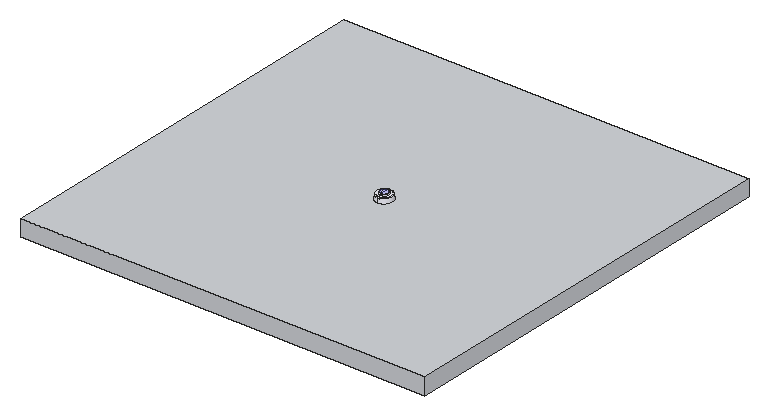
Revit family "BEG-92150", category Dispositifs d'éclairage, Revit 2015
Parameters
  Detection zone [instance] = yes
  Seat area [instance] = height position < 301 cm  # yes
  URL = "http://www.luxomat.com/en-92150"
  Type of output = "SWITCH"
  Ambiant temperature = "-25°C to +50°C"
  Ref = "92150"
  Relay = "10A"
  height position [instance] = 250 cm
  direct Range [instance] = height position * 2.4  # 600 cm
  transversal Range [instance] = height position * 4  # 1000 cm
  Modèle = "PD2-M-2C-SM"
  Installation type = "Ceiling"
  Brand = "LUXOMAT"
  Image du type = 92150.jpg
  IP = "20"
  Mounting height max = Installation height max  # 300 cm
  Installation height max = 300 cm
  Fabricant = "B.E.G"
  Label [instance] = yes
  Default Elevation = 0 cm
  Consumption = "0,46W"
  Commentaires du type = "Occupancy detector PD2-M-2C-SM"
  Code d'assemblage = "D5010200"
  Class = "2"
  Switching power LED = "300W"
  Switching power Cos ɸ =1 = "2300W"
  Switching power Cos ɸ =0.5 = "1150VA"
  Power voltage = "110-240 V AC"
  seated activity [instance] = height position * 1.6  # 400 cm
Reference planes (cm)
  plane 1 "Centre (avant/arrière)": y = 0
  plane 2: z = 0
  plane 3 "Centre (gauche/droite)": x = 0
Forms (cm)
  Extrusion 1, solid
    sketch origin (0, 0, 0) x (1, 0, 0) y (0, 1, 0)
      loop
        line (-121.92, 121.92) -> (-121.92, -121.92) -> (121.92, -121.92) -> (121.92, 121.92) -> (-121.92, 121.92)
    from 0 to -10
Dimensions and locks (cm)
  aligned and locked: plane 2 to Extrusion 1
  aligned and locked: level to Extrusion 1
  aligned and locked: nested 2 to plane 2
Nested families (cm)
  nested 1: "Famille1" at (0, -72.6659, 0) x (-1, 0, 0) z (0, 0, 1), reference <- "Ref", modele <- "Modèle", visible <- "Label", type "Famille1"
    with reference "92150", modele "PD2-M-2C-SM"
  nested 2: "M8" at (0, 0, 0) x (0, 1, 0) z (0, 0, 1), type "Standard"
  nested 3: "zone G" at (0, 0, 0) x (-1, 0, 0) z (0, 0, 1), activité assise <- "seated activity", biais <- "transversal Range", frontal <- "direct Range", Zone assise <- "Seat area", visible <- "Detection zone", type "zone G"
    with position 2 240 cm, position 1 400 cm, frontal 600 cm, biais 1000 cm, activité assise 400 cm, Zone assise yes
  nested 4: "Plafond 360° 2D" at (0, 0, 0), type "Plafond 360° 2D"
Connectors (cm)
  electrical at (0, 0, 0)
    settings: on nested 2, index 1, voltage 240 V, apparent load 0 VA, apparent load phase1 0 VA, apparent load phase2 0 VA, apparent load phase3 0 VA, power factor 1, load classification "Eclairage", number of poles 1, system type 31, power factor state 1, is connector primary yes, connector utility no, sub classification motor no, connector description ""
Definition of nested family "M8"
  Reference planes (cm)
    plane 1 "Centre (avant/arrière)": y = 0
    plane 2: z = 0
    plane 3 "Centre (gauche/droite)": x = 0
    plane 4: y = 0
  Forms (cm)
    Revolve 1, solid
      sketch origin (0, 0, 0) x (-1, 0, 0) y (0, 0, 1)
        loop
          line (0, 0) -> (0, 3.6) -> (-2.45, 3.6) -> (-2.6598, 3.35) -> (-2.6598, 3.1) -> (-4.3661, 2.8) -> (-4.69, 2.4) -> (-4.9, 0) -> (0, 0)
        axis (0, 0) -> (0, 3.6)
      angle from 0 to 360
    Revolve 2, solid
      sketch origin (0, 0, 0) x (-1, 0, 0) y (0, 0, 1)
        loop
          line (0, 3.6) -> (0, 5)
          arc (0, 5) -> (-1.3892, 4.6244) -> (-2.4, 3.6) r 2.7571
          line (-2.4, 3.6) -> (0, 3.6)
        axis (0, 3.6) -> (0, 5)
      angle from 0 to 360
  Lines and regions (cm)
    reference lines
      curve 1: line (0, 0, 0) -> (0, 0, 5)
      curve 2: line (2.45, 0, 3.6) -> (0, 0, 3.6)
      curve 3: line (2.6598, 0, 3.35) -> (2.45, 0, 3.6)
      curve 4: line (2.6598, 0, 3.35) -> (2.6598, 0, 3.1)
      curve 5: line (4.3661, 0, 2.8) -> (2.6598, 0, 3.1)
      curve 6: line (4.69, 0, 2.4) -> (4.3661, 0, 2.8)
      curve 7: line (4.9, 0, 0) -> (4.69, 0, 2.4)
      curve 8: line (0, 0, 0) -> (4.9, 0, 0)
      curve 9: line (0, 0, 5) -> (0, 0, 3.6)
      curve 10: arc (0, 0, 5) -> (1.3892, 0, 4.6244) -> (2.4, 0, 3.6) r 2.7571
      curve 11: line (0, 0, 3.6) -> (2.4, 0, 3.6)
      curve 12: line (0, 0, 0) -> (0, 0, 5)
  Dimensions and locks (cm)
    aligned and locked: level to plane 2
    aligned and locked: Revolve 1 sketch curve to curve 1  (x2)
    aligned and locked: Revolve 1 sketch curve to curve 2
    aligned and locked: Revolve 1 sketch curve to curve 3
    aligned and locked: Revolve 1 sketch curve to curve 4
    aligned and locked: Revolve 1 sketch curve to curve 5
    aligned and locked: Revolve 1 sketch curve to curve 6
    aligned and locked: Revolve 1 sketch curve to curve 7
    aligned and locked: Revolve 1 sketch curve to curve 8
    aligned and locked: Revolve 2 sketch curve to curve 9
    aligned and locked: Revolve 2 sketch curve to curve 10
    aligned and locked: Revolve 2 sketch curve to curve 11
    aligned and locked: Revolve 2 sketch curve to curve 12
Definition of nested family "Famille1"
  Parameters (values of type "Famille1")
    reference [instance] = ""
    modele [instance] = ""
  Reference planes (cm)
    plane 1: y = 0
    plane 2: x = 0
  Text (cm)
    label "reference\n\nmodele" at (0.0074, 0.0451, 0), shows "reference", "modele"
Definition of nested family "zone G"
  Parameters (values of type "zone G")
    position 2 [instance] = (frontal / 2) * 0.8  # 240 cm
    position 1 [instance] = (biais / 2) * 0.8  # 400 cm
    frontal [instance] = 600 cm
    biais [instance] = 1000 cm
    activité assise [instance] = 400 cm
    Zone assise [instance] = yes
  Reference planes (cm)
    plane 1 "Centre (avant/arrière)": y = 0
    plane 2: z = 0
    plane 3 "Centre (gauche/droite)": x = 0
    plane 4: x = -400
    plane 5: y = -240
  Lines and regions (cm)
    detail lines, in view "Niveau de réf.", visible <- "Zone assise"
      curve 1: circle (0, 0, 0) r 200 normal (0, 0, 1)
      curve 4: spline (-105.2767, 3.2118, 0) -> (-104.9106, 3.0586, 0) -> (-103.8375, 2.9158, 0) -> (-102.1303, 2.7932, 0) -> (-99.9055, 2.6991, 0) -> (-97.3146, 2.6399, 0) -> (-94.5343, 2.6198, 0) -> (-91.7539, 2.6399, 0) -> (-89.163, 2.6991, 0) -> (-86.9382, 2.7932, 0) -> (-85.231, 2.9158, 0) -> (-84.1579, 3.0586, 0) -> (-83.7918, 3.2118, 0) -> (-84.1579, 3.365, 0) -> (-85.231, 3.5078, 0) -> (-86.9382, 3.6305, 0) -> (-89.163, 3.7245, 0) -> (-91.7539, 3.7837, 0) -> (-94.5343, 3.8039, 0) -> (-97.3146, 3.7837, 0) -> (-99.9055, 3.7245, 0) -> (-102.1303, 3.6305, 0) -> (-103.8375, 3.5078, 0) -> (-104.9106, 3.365, 0) -> (-105.2767, 3.2118, 0)
      curve 5: line (-105.2767, 3.2118, 0) -> (-103.7271, 3.5181, 0)
      curve 6: arc (-102.6495, -16.5888, 0) -> (-107.2915, -17.186, 0) -> (-111.6311, -18.9388, 0) r 18.3388
      curve 7: arc (-111.6311, -18.9388, 0) -> (-111.6982, -19.0046, 0) -> (-111.7229, -19.0953, 0) r 0.1799
      curve 8: arc (-102.4571, -17.1805, 0) -> (-106.7473, -17.5804, 0) -> (-110.8538, -18.8852, 0) r 20.1051
      curve 9: arc (-110.8538, -18.8852, 0) -> (-111.0396, -18.979, 0) -> (-111.2122, -19.0953, 0) r 1.6679
      curve 10: circle (-111.4676, -19.8292, 0) r 0.5096 normal (0, 0, 1)
      curve 11: arc (-110.898, -19.8292, 0) -> (-111.4676, -19.2597, 0) -> (-112.0372, -19.8292, 0) r 0.5696
      curve 12: arc (-110.838, -19.8292, 0) -> (-111.4676, -19.1997, 0) -> (-112.0972, -19.8292, 0) r 0.6296
      curve 13: arc (-86.4191, -16.5888, 0) -> (-81.7771, -17.186, 0) -> (-77.4374, -18.9388, 0) r 18.3388
      curve 14: arc (-77.4374, -18.9388, 0) -> (-77.3704, -19.0046, 0) -> (-77.3456, -19.0953, 0) r 0.1799
      curve 15: arc (-86.6114, -17.1805, 0) -> (-82.3212, -17.5804, 0) -> (-78.2147, -18.8852, 0) r 20.1051
      curve 16: arc (-78.2147, -18.8852, 0) -> (-78.0289, -18.979, 0) -> (-77.8563, -19.0953, 0) r 1.6679
      curve 17: circle (-77.6009, -19.8292, 0) r 0.5096 normal (0, 0, 1)
      curve 18: arc (-77.0314, -19.8292, 0) -> (-77.6009, -19.2597, 0) -> (-78.1705, -19.8292, 0) r 0.5696
      curve 19: arc (-76.9714, -19.8292, 0) -> (-77.6009, -19.1997, 0) -> (-78.2305, -19.8292, 0) r 0.6296
      curve 20: arc (-95.2593, -16.5888, 0) -> (-98.9871, -17.441, 0) -> (-102.5056, -18.9388, 0) r 21.5424
      curve 21: arc (-102.5056, -18.9388, 0) -> (-102.5726, -19.0046, 0) -> (-102.5974, -19.0953, 0) r 0.1799
      curve 22: arc (-95.2593, -17.1805, 0) -> (-98.5536, -17.8061, 0) -> (-101.7283, -18.8852, 0) r 23.9713
      curve 23: arc (-101.7283, -18.8852, 0) -> (-101.911, -18.9772, 0) -> (-102.081, -19.0909, 0) r 1.6679
      curve 24: arc (-95.0229, -17.1805, 0) -> (-98.2689, -17.8294, 0) -> (-101.4063, -18.8852, 0) r 26.0219
      curve 25: arc (-101.4063, -18.8852, 0) -> (-101.592, -18.979, 0) -> (-101.7647, -19.0953, 0) r 1.6679
      curve 26: circle (-102.181, -19.8292, 0) r 0.5096 normal (0, 0, 1)
      curve 27: arc (-101.6114, -19.8292, 0) -> (-102.181, -19.2597, 0) -> (-102.7506, -19.8292, 0) r 0.5696
      curve 28: arc (-101.5514, -19.8292, 0) -> (-102.181, -19.1997, 0) -> (-102.8106, -19.8292, 0) r 0.6296
      curve 29: arc (-93.8092, -16.5888, 0) -> (-90.0814, -17.441, 0) -> (-86.5629, -18.9388, 0) r 21.5424
      curve 30: arc (-86.5629, -18.9388, 0) -> (-86.4959, -19.0046, 0) -> (-86.4711, -19.0953, 0) r 0.1799
      curve 31: arc (-93.8092, -17.1805, 0) -> (-90.5149, -17.8061, 0) -> (-87.3402, -18.8852, 0) r 23.9713
      curve 32: arc (-87.3402, -18.8852, 0) -> (-87.1544, -18.979, 0) -> (-86.9818, -19.0953, 0) r 1.6679
      curve 33: arc (-94.0457, -17.1805, 0) -> (-90.7996, -17.8294, 0) -> (-87.6622, -18.8852, 0) r 26.0219
      curve 34: arc (-87.6622, -18.8852, 0) -> (-87.4765, -18.979, 0) -> (-87.3039, -19.0953, 0) r 1.6679
      curve 35: circle (-86.8875, -19.8292, 0) r 0.5096 normal (0, 0, 1)
      curve 36: arc (-86.3179, -19.8292, 0) -> (-86.8875, -19.2597, 0) -> (-87.4571, -19.8292, 0) r 0.5696
      curve 37: arc (-86.2579, -19.8292, 0) -> (-86.8875, -19.1997, 0) -> (-87.5171, -19.8292, 0) r 0.6296
      curve 38: arc (-103.0079, 8.8705, 0) -> (-101.8776, 5.8173, 0) -> (-98.8653, 4.5819, 0) r 4.0512
      curve 39: arc (-83.7186, 4.2269, 0) -> (-82.9538, 3.7817, 0) -> (-82.7946, 2.9112, 0) r 1.0582
      curve 40: arc (-82.7946, 2.9112, 0) -> (-84.0889, -6.227, 0) -> (-84.0703, -15.4564, 0) r 64.7189
      curve 41: arc (-84.0703, -15.4564, 0) -> (-83.933, -16.0031, 0) -> (-83.4527, -16.2981, 0) r 0.7467
      curve 42: arc (-83.4527, -16.2981, 0) -> (-80.3714, -16.8717, 0) -> (-77.238, -16.9405, 0) r 19.3577
      curve 43: arc (-77.238, -16.9405, 0) -> (-77.6363, -16.4391, 0) -> (-78.2461, -16.244, 0) r 1.1013
      curve 44: arc (-78.2461, -16.244, 0) -> (-80.4274, -15.8096, 0) -> (-82.5587, -15.1742, 0) r 23.8747
      curve 45: arc (-82.5587, -15.1742, 0) -> (-81.6045, -6.5488, 0) -> (-80.848, 2.0961, 0) r 379.1961
      curve 46: arc (-80.848, 2.0961, 0) -> (-81.0708, 4.8418, 0) -> (-83.0581, 6.7494, 0) r 3.8846
      curve 47: arc (-83.0581, 6.7494, 0) -> (-89.2141, 8.8147, 0) -> (-95.6542, 9.6431, 0) r 33.2193
      curve 48: arc (-95.6542, 9.6431, 0) -> (-94.8516, 17.305, 0) -> (-94.8609, 25.0089, 0) r 72.9952
      curve 49: arc (-95.1116, 28.28, 0) -> (-95.2196, 29.2958, 0) -> (-95.3418, 30.31, 0) r 72.9952
      curve 50: arc (-98.1747, 30.0752, 0) -> (-100.3426, 29.2913, 0) -> (-99.4886, 27.1501, 0) r 1.6042
      curve 51: arc (-95.3418, 30.31, 0) -> (-98.7298, 32.2574, 0) -> (-102.1179, 30.31, 0) r 3.9209
      curve 52: arc (-68.8418, 20.3177, 0) -> (-68.8537, 20.2265, 0) -> (-68.9411, 20.2549, 0) r 0.0597
      curve 53: arc (-70.9776, 20.5408, 0) -> (-70.9496, 20.3832, 0) -> (-71.1082, 20.3621, 0) r 0.1108
      curve 54: spline (-98.8908, 41.6409, 0) -> (-97.9793, 41.5103, 0) -> (-97.1229, 41.0855, 0) -> (-96.38, 40.3954, 0) -> (-95.8012, 39.4871, 0) -> (-95.426, 38.4224, 0) -> (-95.2799, 37.274, 0) -> (-95.3728, 36.12, 0) -> (-95.6985, 35.0392, 0) -> (-96.2348, 34.1051, 0) -> (-96.945, 33.3815, 0) -> (-97.7809, 32.9176, 0) -> (-98.6854, 32.7451, 0) -> (-99.5969, 32.8757, 0) -> (-100.4532, 33.3005, 0) -> (-101.1961, 33.9906, 0) -> (-101.7749, 34.8989, 0) -> (-102.1502, 35.9636, 0) -> (-102.2963, 37.112, 0) -> (-102.2033, 38.266, 0) -> (-101.8776, 39.3468, 0) -> (-101.3414, 40.2809, 0) -> (-100.6311, 41.0045, 0) -> (-99.7953, 41.4684, 0) -> (-98.8908, 41.6409, 0)
      curve 55: line (-74.1608, -20.3388, 0) -> (-33.3759, -20.3388, 0)
      curve 56: line (-33.3759, -20.3388, 0) -> (-33.3759, 18.6681, 0)
      curve 57: line (-33.3759, 18.6681, 0) -> (-74.1608, 18.6681, 0)
      curve 58: line (-74.1608, 18.6681, 0) -> (-74.1608, -20.3388, 0)
      curve 59: line (-74.1608, -20.3388, 0) -> (-120.7181, -20.3388, 0)
      curve 60: line (-80.1025, 18.6681, 0) -> (-27.4342, 18.6681, 0)
      curve 61: line (-27.4342, 18.6681, 0) -> (-27.4342, 20.1345, 0)
      curve 62: line (-27.4342, 20.1345, 0) -> (-80.1025, 20.1345, 0)
      curve 63: line (-80.1025, 20.1345, 0) -> (-80.1025, 18.6681, 0)
      curve 64: line (-95.5223, 2.6198, 0) -> (-93.5462, 2.6198, 0)
      curve 65: line (-93.5462, 2.6198, 0) -> (-93.5462, -16.5888, 0)
      curve 66: line (-93.5462, -16.5888, 0) -> (-95.5223, -16.5888, 0)
      curve 67: line (-95.5223, -16.5888, 0) -> (-95.5223, 2.6198, 0)
      curve 68: line (-95.5223, -16.5888, 0) -> (-102.6495, -16.5888, 0)
      curve 69: line (-111.7229, -19.0953, 0) -> (-111.2122, -19.0953, 0)
      curve 70: line (-93.8092, -16.5888, 0) -> (-94.0457, -17.1805, 0)
      curve 71: line (-94.0457, -17.1805, 0) -> (-93.8092, -17.1805, 0)
      curve 72: line (-93.8092, -17.1805, 0) -> (-94.5343, -17.1805, 0)
      curve 73: line (-94.5343, -17.1805, 0) -> (-95.2593, -17.1805, 0)
      curve 74: line (-95.2593, -17.1805, 0) -> (-95.0229, -17.1805, 0)
      curve 75: line (-95.0229, -17.1805, 0) -> (-95.2593, -16.5888, 0)
      curve 76: line (-98.1226, -17.1805, 0) -> (-102.4571, -17.1805, 0)
      curve 77: line (-112.0372, -19.8292, 0) -> (-112.0972, -19.8292, 0)
      curve 78: line (-110.898, -19.8292, 0) -> (-110.838, -19.8292, 0)
      curve 79: line (-111.3676, -19.2076, 0) -> (-111.3676, -19.0953, 0)
      curve 80: line (-111.5676, -19.2076, 0) -> (-111.5676, -19.0953, 0)
      curve 81: line (-93.5462, -16.5888, 0) -> (-86.4191, -16.5888, 0)
      curve 82: line (-77.3456, -19.0953, 0) -> (-77.8563, -19.0953, 0)
      curve 83: line (-90.9459, -17.1805, 0) -> (-86.6114, -17.1805, 0)
      curve 84: line (-77.0314, -19.8292, 0) -> (-76.9714, -19.8292, 0)
      curve 85: line (-78.1705, -19.8292, 0) -> (-78.2305, -19.8292, 0)
      curve 86: line (-77.7009, -19.2076, 0) -> (-77.7009, -19.0953, 0)
      curve 87: line (-77.5009, -19.2076, 0) -> (-77.5009, -19.0953, 0)
      curve 88: line (-102.5974, -19.0953, 0) -> (-101.7647, -19.0953, 0)
      curve 89: line (-102.7506, -19.8292, 0) -> (-102.8106, -19.8292, 0)
      curve 90: line (-101.6114, -19.8292, 0) -> (-101.5514, -19.8292, 0)
      curve 91: line (-102.081, -19.2076, 0) -> (-102.081, -19.0909, 0)
      curve 92: line (-102.281, -19.2076, 0) -> (-102.281, -19.0953, 0)
      curve 93: line (-86.4711, -19.0953, 0) -> (-87.3039, -19.0953, 0)
      curve 94: line (-86.3179, -19.8292, 0) -> (-86.2579, -19.8292, 0)
      curve 95: line (-87.4571, -19.8292, 0) -> (-87.5171, -19.8292, 0)
      curve 96: line (-86.9875, -19.2076, 0) -> (-86.9875, -19.0953, 0)
      curve 97: line (-86.7875, -19.2076, 0) -> (-86.7875, -19.0953, 0)
      curve 98: line (-98.8653, 4.5819, 0) -> (-83.7186, 4.2269, 0)
      curve 99: line (-103.0079, 8.8705, 0) -> (-102.1179, 30.31, 0)
      curve 100: line (-98.1747, 30.0752, 0) -> (-85.3255, 22.5448, 0)
      curve 101: line (-85.3255, 22.5448, 0) -> (-74.2929, 21.667, 0)
      curve 102: line (-74.2929, 21.667, 0) -> (-71.6033, 21.7219, 0)
      curve 103: line (-71.6033, 21.7219, 0) -> (-69.7371, 21.2829, 0)
      curve 104: line (-69.7371, 21.2829, 0) -> (-68.8418, 20.3177, 0)
      curve 105: line (-68.9411, 20.2549, 0) -> (-69.7808, 21.0896, 0)
      curve 106: line (-69.7808, 21.0896, 0) -> (-71.6115, 21.2989, 0)
      curve 107: line (-71.6115, 21.2989, 0) -> (-72.0159, 21.0248, 0)
      curve 108: line (-72.0159, 21.0248, 0) -> (-70.9776, 20.5408, 0)
      curve 109: line (-71.1082, 20.3621, 0) -> (-72.6656, 20.8949, 0)
      curve 110: line (-72.6656, 20.8949, 0) -> (-74.496, 20.6558, 0)
      curve 111: line (-74.496, 20.6558, 0) -> (-86.0144, 20.9158, 0)
      curve 112: line (-86.0144, 20.9158, 0) -> (-99.4886, 27.1501, 0)
      curve 113: line (-99.8644, 32.9741, 0) -> (-99.9944, 32.0479, 0)
      curve 114: line (-97.5142, 33.0301, 0) -> (-97.3718, 32.0147, 0)
      curve 115: line (-33.3759, -20.3388, 0) -> (-21.8014, -20.3388, 0)
    detail lines, in view "Niveau de réf."
      curve 2: circle (0, 0, 0) r 300 normal (0, 0, 1)
      curve 3: circle (0, 0, 0) r 500 normal (0, 0, 1)
      curve 116: spline (2.3068, -267.7265, 0) -> (4.0856, -267.3949, 0) -> (5.7432, -266.4226, 0) -> (7.1667, -264.876, 0) -> (8.2589, -262.8603, 0) -> (8.9455, -260.5131, 0) -> (9.1797, -257.9942, 0) -> (8.9455, -255.4753, 0) -> (8.2589, -253.1281, 0) -> (7.1667, -251.1125, 0) -> (5.7432, -249.5658, 0) -> (4.0856, -248.5936, 0) -> (2.3068, -248.262, 0) -> (0.5279, -248.5936, 0) -> (-1.1297, -249.5658, 0) -> (-2.5531, -251.1125, 0) -> (-3.6453, -253.1281, 0) -> (-4.3319, -255.4753, 0) -> (-4.5661, -257.9942, 0) -> (-4.3319, -260.5131, 0) -> (-3.6453, -262.8603, 0) -> (-2.5531, -264.876, 0) -> (-1.1297, -266.4226, 0) -> (0.5279, -267.3949, 0) -> (2.3068, -267.7265, 0)
      curve 117: line (-4.7649, -255.0929, 0) -> (0.5136, -267.9212, 0)
      curve 118: line (3.5648, -268.0775, 0) -> (9.2455, -254.5266, 0)
      curve 119: line (-0.3759, -248.4588, 0) -> (-3.0011, -250.8806, 0)
      curve 120: line (3.5053, -268.5045, 0) -> (6.62, -268.3756, 0)
      curve 121: line (1.7304, -268.3525, 0) -> (3.5053, -268.5045, 0)
      curve 122: line (-4.7649, -255.0929, 0) -> (0.5136, -267.9212, 0)
      curve 123: line (-21.1936, -255.3894, 0) -> (-24.4202, -257.3623, 0)
      curve 124: line (-21.1936, -255.3894, 0) -> (-24.4202, -257.3623, 0)
      curve 125: line (-0.3759, -248.4588, 0) -> (-3.0011, -250.8806, 0)
      curve 126: line (1.7304, -268.3525, 0) -> (6.62, -268.3756, 0)
      curve 127: line (3.5648, -268.0775, 0) -> (9.2455, -254.5266, 0)
      curve 128: line (0, -240, 0) -> (0, -209.0788, 0)
      curve 129: line (0, -209.0788, 0) -> (0, -200.7814, 0)
      curve 130: spline (-397.6932, -27.7265, 0) -> (-395.9144, -27.3949, 0) -> (-394.2568, -26.4226, 0) -> (-392.8333, -24.876, 0) -> (-391.7411, -22.8603, 0) -> (-391.0545, -20.5131, 0) -> (-390.8203, -17.9942, 0) -> (-391.0545, -15.4753, 0) -> (-391.7411, -13.1281, 0) -> (-392.8333, -11.1125, 0) -> (-394.2568, -9.5658, 0) -> (-395.9144, -8.5936, 0) -> (-397.6932, -8.262, 0) -> (-399.4721, -8.5936, 0) -> (-401.1297, -9.5658, 0) -> (-402.5531, -11.1125, 0) -> (-403.6453, -13.1281, 0) -> (-404.3319, -15.4753, 0) -> (-404.5661, -17.9942, 0) -> (-404.3319, -20.5131, 0) -> (-403.6453, -22.8603, 0) -> (-402.5531, -24.876, 0) -> (-401.1297, -26.4226, 0) -> (-399.4721, -27.3949, 0) -> (-397.6932, -27.7265, 0)
      curve 131: line (-404.7649, -15.0929, 0) -> (-399.4864, -27.9212, 0)
      curve 132: line (-396.4352, -28.0775, 0) -> (-390.7545, -14.5266, 0)
      curve 133: line (-400.3759, -8.4588, 0) -> (-403.0011, -10.8806, 0)
      curve 134: line (-396.4947, -28.5045, 0) -> (-393.38, -28.3756, 0)
      curve 135: line (-398.2696, -28.3525, 0) -> (-396.4947, -28.5045, 0)
      curve 136: line (-404.7649, -15.0929, 0) -> (-399.4864, -27.9212, 0)
      curve 137: line (-421.1936, -15.3894, 0) -> (-424.4202, -17.3623, 0)
      curve 138: line (-421.1936, -15.3894, 0) -> (-424.4202, -17.3623, 0)
      curve 139: line (-400.3759, -8.4588, 0) -> (-403.0011, -10.8806, 0)
      curve 140: line (-398.2696, -28.3525, 0) -> (-393.38, -28.3756, 0)
      curve 141: line (-396.4352, -28.0775, 0) -> (-390.7545, -14.5266, 0)
      curve 142: line (-400, 0, 0) -> (-400, 30.9212, 0)
      curve 143: line (-400, 30.9212, 0) -> (-400, 39.2186, 0)
    detail lines, in view "Niveau de réf.", visible <- "Zone assise", not visible
      curve 144: spline (925.976, -22.5654, 0) -> (926.342, -22.7186, 0) -> (927.4152, -22.8614, 0) -> (929.1224, -22.984, 0) -> (931.3472, -23.0781, 0) -> (933.938, -23.1373, 0) -> (936.7184, -23.1574, 0) -> (939.4987, -23.1373, 0) -> (942.0896, -23.0781, 0) -> (944.3144, -22.984, 0) -> (946.0216, -22.8614, 0) -> (947.0948, -22.7186, 0) -> (947.4608, -22.5654, 0) -> (947.0948, -22.4122, 0) -> (946.0216, -22.2694, 0) -> (944.3144, -22.1467, 0) -> (942.0896, -22.0527, 0) -> (939.4987, -21.9935, 0) -> (936.7184, -21.9733, 0) -> (933.938, -21.9935, 0) -> (931.3472, -22.0527, 0) -> (929.1224, -22.1467, 0) -> (927.4152, -22.2694, 0) -> (926.342, -22.4122, 0) -> (925.976, -22.5654, 0)
      curve 145: line (925.976, -22.5654, 0) -> (927.5256, -22.2591, 0)
      curve 146: arc (928.6032, -42.366, 0) -> (923.9612, -42.9632, 0) -> (919.6215, -44.716, 0) r 18.3388
      curve 147: arc (919.6215, -44.716, 0) -> (919.5545, -44.7818, 0) -> (919.5297, -44.8725, 0) r 0.1799
      curve 148: arc (928.7956, -42.9577, 0) -> (924.5053, -43.3576, 0) -> (920.3988, -44.6624, 0) r 20.1051
      curve 149: arc (920.3988, -44.6624, 0) -> (920.213, -44.7562, 0) -> (920.0404, -44.8725, 0) r 1.6679
      curve 150: circle (919.7851, -45.6065, 0) r 0.5096 normal (0, 0, 1)
      curve 151: arc (920.3547, -45.6065, 0) -> (919.7851, -45.0369, 0) -> (919.2155, -45.6065, 0) r 0.5696
      curve 152: arc (920.4147, -45.6065, 0) -> (919.7851, -44.9769, 0) -> (919.1555, -45.6065, 0) r 0.6296
      curve 153: arc (944.8336, -42.366, 0) -> (949.4756, -42.9632, 0) -> (953.8152, -44.716, 0) r 18.3388
      curve 154: arc (953.8152, -44.716, 0) -> (953.8823, -44.7818, 0) -> (953.907, -44.8725, 0) r 0.1799
      curve 155: arc (944.6412, -42.9577, 0) -> (948.9315, -43.3576, 0) -> (953.038, -44.6624, 0) r 20.1051
      curve 156: arc (953.038, -44.6624, 0) -> (953.2237, -44.7562, 0) -> (953.3964, -44.8725, 0) r 1.6679
      curve 157: circle (953.6517, -45.6065, 0) r 0.5096 normal (0, 0, 1)
      curve 158: arc (954.2213, -45.6065, 0) -> (953.6517, -45.0369, 0) -> (953.0821, -45.6065, 0) r 0.5696
      curve 159: arc (954.2813, -45.6065, 0) -> (953.6517, -44.9769, 0) -> (953.0221, -45.6065, 0) r 0.6296
      curve 160: arc (935.9933, -42.366, 0) -> (932.2655, -43.2182, 0) -> (928.7471, -44.716, 0) r 21.5424
      curve 161: arc (928.7471, -44.716, 0) -> (928.68, -44.7818, 0) -> (928.6553, -44.8725, 0) r 0.1799
      curve 162: arc (935.9933, -42.9577, 0) -> (932.6991, -43.5833, 0) -> (929.5243, -44.6624, 0) r 23.9713
      curve 163: arc (929.5243, -44.6624, 0) -> (929.3417, -44.7544, 0) -> (929.1716, -44.8681, 0) r 1.6679
      curve 164: arc (936.2298, -42.9577, 0) -> (932.9838, -43.6066, 0) -> (929.8464, -44.6624, 0) r 26.0219
      curve 165: arc (929.8464, -44.6624, 0) -> (929.6606, -44.7562, 0) -> (929.488, -44.8725, 0) r 1.6679
      curve 166: circle (929.0716, -45.6065, 0) r 0.5096 normal (0, 0, 1)
      curve 167: arc (929.6412, -45.6065, 0) -> (929.0716, -45.0369, 0) -> (928.502, -45.6065, 0) r 0.5696
      curve 168: arc (929.7012, -45.6065, 0) -> (929.0716, -44.9769, 0) -> (928.442, -45.6065, 0) r 0.6296
      curve 169: arc (937.4435, -42.366, 0) -> (941.1713, -43.2182, 0) -> (944.6897, -44.716, 0) r 21.5424
      curve 170: arc (944.6897, -44.716, 0) -> (944.7568, -44.7818, 0) -> (944.7815, -44.8725, 0) r 0.1799
      curve 171: arc (937.4435, -42.9577, 0) -> (940.7377, -43.5833, 0) -> (943.9124, -44.6624, 0) r 23.9713
      curve 172: arc (943.9124, -44.6624, 0) -> (944.0982, -44.7562, 0) -> (944.2708, -44.8725, 0) r 1.6679
      curve 173: arc (937.207, -42.9577, 0) -> (940.453, -43.6066, 0) -> (943.5904, -44.6624, 0) r 26.0219
      curve 174: arc (943.5904, -44.6624, 0) -> (943.7762, -44.7562, 0) -> (943.9488, -44.8725, 0) r 1.6679
      curve 175: circle (944.3651, -45.6065, 0) r 0.5096 normal (0, 0, 1)
      curve 176: arc (944.9347, -45.6065, 0) -> (944.3651, -45.0369, 0) -> (943.7956, -45.6065, 0) r 0.5696
      curve 177: arc (944.9947, -45.6065, 0) -> (944.3651, -44.9769, 0) -> (943.7356, -45.6065, 0) r 0.6296
      curve 178: arc (928.2447, -16.9067, 0) -> (929.3751, -19.9599, 0) -> (932.3873, -21.1953, 0) r 4.0512
      curve 179: arc (947.5341, -21.5503, 0) -> (948.2989, -21.9955, 0) -> (948.4581, -22.866, 0) r 1.0582
      curve 180: arc (948.4581, -22.866, 0) -> (947.1637, -32.0042, 0) -> (947.1824, -41.2336, 0) r 64.7189
      curve 181: arc (947.1824, -41.2336, 0) -> (947.3196, -41.7803, 0) -> (947.8, -42.0753, 0) r 0.7467
      curve 182: arc (947.8, -42.0753, 0) -> (950.8812, -42.6489, 0) -> (954.0146, -42.7177, 0) r 19.3577
      curve 183: arc (954.0146, -42.7177, 0) -> (953.6164, -42.2163, 0) -> (953.0065, -42.0212, 0) r 1.1013
      curve 184: arc (953.0065, -42.0212, 0) -> (950.8253, -41.5868, 0) -> (948.6939, -40.9514, 0) r 23.8747
      curve 185: arc (948.6939, -40.9514, 0) -> (949.6481, -32.326, 0) -> (950.4047, -23.6811, 0) r 379.1961
      curve 186: arc (950.4047, -23.6811, 0) -> (950.1819, -20.9354, 0) -> (948.1945, -19.0278, 0) r 3.8846
      curve 187: arc (948.1945, -19.0278, 0) -> (942.0386, -16.9625, 0) -> (935.5985, -16.1341, 0) r 33.2193
      curve 188: arc (935.5985, -16.1341, 0) -> (936.4011, -8.4722, 0) -> (936.3918, -0.7683, 0) r 72.9952
      curve 189: arc (936.1411, 2.5028, 0) -> (936.0331, 3.5186, 0) -> (935.9108, 4.5328, 0) r 72.9952
      curve 190: arc (933.0779, 4.298, 0) -> (930.9101, 3.5141, 0) -> (931.7641, 1.3729, 0) r 1.6042
      curve 191: arc (935.9108, 4.5328, 0) -> (932.5228, 6.4802, 0) -> (929.1348, 4.5328, 0) r 3.9209
      curve 192: arc (962.4108, -5.4595, 0) -> (962.3989, -5.5507, 0) -> (962.3115, -5.5223, 0) r 0.0597
      curve 193: arc (960.275, -5.2364, 0) -> (960.303, -5.394, 0) -> (960.1444, -5.4151, 0) r 0.1108
      curve 194: spline (932.3619, 15.8637, 0) -> (933.2734, 15.7331, 0) -> (934.1297, 15.3083, 0) -> (934.8726, 14.6182, 0) -> (935.4514, 13.7099, 0) -> (935.8267, 12.6452, 0) -> (935.9728, 11.4968, 0) -> (935.8798, 10.3428, 0) -> (935.5541, 9.262, 0) -> (935.0179, 8.3279, 0) -> (934.3076, 7.6043, 0) -> (933.4718, 7.1404, 0) -> (932.5673, 6.9679, 0) -> (931.6558, 7.0985, 0) -> (930.7994, 7.5233, 0) -> (930.0565, 8.2134, 0) -> (929.4777, 9.1217, 0) -> (929.1025, 10.1864, 0) -> (928.9564, 11.3348, 0) -> (929.0493, 12.4888, 0) -> (929.375, 13.5696, 0) -> (929.9113, 14.5037, 0) -> (930.6215, 15.2273, 0) -> (931.4574, 15.6912, 0) -> (932.3619, 15.8637, 0)
      curve 195: line (957.0918, -46.116, 0) -> (997.8768, -46.116, 0)
      curve 196: line (997.8768, -46.116, 0) -> (997.8768, -7.1091, 0)
      curve 197: line (997.8768, -7.1091, 0) -> (957.0918, -7.1091, 0)
      curve 198: line (957.0918, -7.1091, 0) -> (957.0918, -46.116, 0)
      curve 199: line (957.0918, -46.116, 0) -> (910.5345, -46.116, 0)
      curve 200: line (951.1501, -7.1091, 0) -> (1003.8185, -7.1091, 0)
      curve 201: line (1003.8185, -7.1091, 0) -> (1003.8185, -5.6427, 0)
      curve 202: line (1003.8185, -5.6427, 0) -> (951.1501, -5.6427, 0)
      curve 203: line (951.1501, -5.6427, 0) -> (951.1501, -7.1091, 0)
      curve 204: line (935.7304, -23.1574, 0) -> (937.7064, -23.1574, 0)
      curve 205: line (937.7064, -23.1574, 0) -> (937.7064, -42.366, 0)
      curve 206: line (937.7064, -42.366, 0) -> (935.7304, -42.366, 0)
      curve 207: line (935.7304, -42.366, 0) -> (935.7304, -23.1574, 0)
      curve 208: line (935.7304, -42.366, 0) -> (928.6032, -42.366, 0)
      curve 209: line (919.5297, -44.8725, 0) -> (920.0404, -44.8725, 0)
      curve 210: line (937.4435, -42.366, 0) -> (937.207, -42.9577, 0)
      curve 211: line (937.207, -42.9577, 0) -> (937.4435, -42.9577, 0)
      curve 212: line (937.4435, -42.9577, 0) -> (936.7184, -42.9577, 0)
      curve 213: line (936.7184, -42.9577, 0) -> (935.9933, -42.9577, 0)
      curve 214: line (935.9933, -42.9577, 0) -> (936.2298, -42.9577, 0)
      curve 215: line (936.2298, -42.9577, 0) -> (935.9933, -42.366, 0)
      curve 216: line (933.13, -42.9577, 0) -> (928.7956, -42.9577, 0)
      curve 217: line (919.2155, -45.6065, 0) -> (919.1555, -45.6065, 0)
      curve 218: line (920.3547, -45.6065, 0) -> (920.4147, -45.6065, 0)
      curve 219: line (919.8851, -44.9848, 0) -> (919.8851, -44.8725, 0)
      curve 220: line (919.6851, -44.9848, 0) -> (919.6851, -44.8725, 0)
      curve 221: line (937.7064, -42.366, 0) -> (944.8336, -42.366, 0)
      curve 222: line (953.907, -44.8725, 0) -> (953.3964, -44.8725, 0)
      curve 223: line (940.3068, -42.9577, 0) -> (944.6412, -42.9577, 0)
      curve 224: line (954.2213, -45.6065, 0) -> (954.2813, -45.6065, 0)
      curve 225: line (953.0821, -45.6065, 0) -> (953.0221, -45.6065, 0)
      curve 226: line (953.5517, -44.9848, 0) -> (953.5517, -44.8725, 0)
      curve 227: line (953.7517, -44.9848, 0) -> (953.7517, -44.8725, 0)
      curve 228: line (928.6553, -44.8725, 0) -> (929.488, -44.8725, 0)
      curve 229: line (928.502, -45.6065, 0) -> (928.442, -45.6065, 0)
      curve 230: line (929.6412, -45.6065, 0) -> (929.7012, -45.6065, 0)
      curve 231: line (929.1716, -44.9848, 0) -> (929.1716, -44.8681, 0)
      curve 232: line (928.9716, -44.9848, 0) -> (928.9716, -44.8725, 0)
      curve 233: line (944.7815, -44.8725, 0) -> (943.9488, -44.8725, 0)
      curve 234: line (944.9347, -45.6065, 0) -> (944.9947, -45.6065, 0)
      curve 235: line (943.7956, -45.6065, 0) -> (943.7356, -45.6065, 0)
      curve 236: line (944.2651, -44.9848, 0) -> (944.2651, -44.8725, 0)
      curve 237: line (944.4651, -44.9848, 0) -> (944.4651, -44.8725, 0)
      curve 238: line (932.3873, -21.1953, 0) -> (947.5341, -21.5503, 0)
      curve 239: line (928.2447, -16.9067, 0) -> (929.1348, 4.5328, 0)
      curve 240: line (933.0779, 4.298, 0) -> (945.9271, -3.2324, 0)
      curve 241: line (945.9271, -3.2324, 0) -> (956.9598, -4.1102, 0)
      curve 242: line (956.9598, -4.1102, 0) -> (959.6493, -4.0553, 0)
      curve 243: line (959.6493, -4.0553, 0) -> (961.5155, -4.4943, 0)
      curve 244: line (961.5155, -4.4943, 0) -> (962.4108, -5.4595, 0)
      curve 245: line (962.3115, -5.5223, 0) -> (961.4719, -4.6876, 0)
      curve 246: line (961.4719, -4.6876, 0) -> (959.6412, -4.4783, 0)
      curve 247: line (959.6412, -4.4783, 0) -> (959.2367, -4.7524, 0)
      curve 248: line (959.2367, -4.7524, 0) -> (960.275, -5.2364, 0)
      curve 249: line (960.1444, -5.4151, 0) -> (958.5871, -4.8823, 0)
      curve 250: line (958.5871, -4.8823, 0) -> (956.7566, -5.1214, 0)
      curve 251: line (956.7566, -5.1214, 0) -> (945.2383, -4.8614, 0)
      curve 252: line (945.2383, -4.8614, 0) -> (931.7641, 1.3729, 0)
      curve 253: line (931.3882, 7.1969, 0) -> (931.2583, 6.2707, 0)
      curve 254: line (933.7384, 7.2529, 0) -> (933.8809, 6.2375, 0)
      curve 255: line (997.8768, -46.116, 0) -> (1009.4512, -46.116, 0)
    detail lines, in view "Niveau de réf.", not visible
      curve 256: spline (630.3724, -48.277, 0) -> (632.1512, -47.9453, 0) -> (633.8088, -46.9731, 0) -> (635.2323, -45.4264, 0) -> (636.3245, -43.4108, 0) -> (637.0111, -41.0636, 0) -> (637.2453, -38.5447, 0) -> (637.0111, -36.0258, 0) -> (636.3245, -33.6786, 0) -> (635.2323, -31.663, 0) -> (633.8088, -30.1163, 0) -> (632.1512, -29.1441, 0) -> (630.3724, -28.8124, 0) -> (628.5935, -29.1441, 0) -> (626.9359, -30.1163, 0) -> (625.5125, -31.663, 0) -> (624.4202, -33.6786, 0) -> (623.7336, -36.0258, 0) -> (623.4995, -38.5447, 0) -> (623.7336, -41.0636, 0) -> (624.4202, -43.4108, 0) -> (625.5125, -45.4264, 0) -> (626.9359, -46.9731, 0) -> (628.5935, -47.9453, 0) -> (630.3724, -48.277, 0)
      curve 257: line (623.3007, -35.6434, 0) -> (628.5792, -48.4717, 0)
      curve 258: line (631.6303, -48.628, 0) -> (637.311, -35.0771, 0)
      curve 259: line (627.6897, -29.0093, 0) -> (625.0645, -31.4311, 0)
      curve 260: line (631.5709, -49.055, 0) -> (634.6856, -48.9261, 0)
      curve 261: line (629.7959, -48.903, 0) -> (631.5709, -49.055, 0)
      curve 262: line (623.3007, -35.6434, 0) -> (628.5792, -48.4717, 0)
      curve 263: line (606.872, -35.9399, 0) -> (603.6454, -37.9127, 0)
      curve 264: line (606.872, -35.9399, 0) -> (603.6454, -37.9127, 0)
      curve 265: line (627.6897, -29.0093, 0) -> (625.0645, -31.4311, 0)
      curve 266: line (629.7959, -48.903, 0) -> (634.6856, -48.9261, 0)
      curve 267: line (631.6303, -48.628, 0) -> (637.311, -35.0771, 0)
      curve 268: line (628.0656, -20.5505, 0) -> (628.0656, 10.3707, 0)
      curve 269: line (628.0656, 10.3707, 0) -> (628.0656, 18.6681, 0)
      curve 270: spline (1030.3724, -260.777, 0) -> (1032.1512, -260.4453, 0) -> (1033.8088, -259.4731, 0) -> (1035.2323, -257.9264, 0) -> (1036.3245, -255.9108, 0) -> (1037.0111, -253.5636, 0) -> (1037.2453, -251.0447, 0) -> (1037.0111, -248.5258, 0) -> (1036.3245, -246.1786, 0) -> (1035.2323, -244.163, 0) -> (1033.8088, -242.6163, 0) -> (1032.1512, -241.6441, 0) -> (1030.3724, -241.3124, 0) -> (1028.5935, -241.6441, 0) -> (1026.9359, -242.6163, 0) -> (1025.5125, -244.163, 0) -> (1024.4202, -246.1786, 0) -> (1023.7336, -248.5258, 0) -> (1023.4995, -251.0447, 0) -> (1023.7336, -253.5636, 0) -> (1024.4202, -255.9108, 0) -> (1025.5125, -257.9264, 0) -> (1026.9359, -259.4731, 0) -> (1028.5935, -260.4453, 0) -> (1030.3724, -260.777, 0)
      curve 271: line (1023.3007, -248.1434, 0) -> (1028.5792, -260.9717, 0)
      curve 272: line (1031.6303, -261.128, 0) -> (1037.311, -247.5771, 0)
      curve 273: line (1027.6897, -241.5093, 0) -> (1025.0645, -243.9311, 0)
      curve 274: line (1031.5709, -261.555, 0) -> (1034.6856, -261.4261, 0)
      curve 275: line (1029.7959, -261.403, 0) -> (1031.5709, -261.555, 0)
      curve 276: line (1023.3007, -248.1434, 0) -> (1028.5792, -260.9717, 0)
      curve 277: line (1006.872, -248.4399, 0) -> (1003.6454, -250.4127, 0)
      curve 278: line (1006.872, -248.4399, 0) -> (1003.6454, -250.4127, 0)
      curve 279: line (1027.6897, -241.5093, 0) -> (1025.0645, -243.9311, 0)
      curve 280: line (1029.7959, -261.403, 0) -> (1034.6856, -261.4261, 0)
      curve 281: line (1031.6303, -261.128, 0) -> (1037.311, -247.5771, 0)
      curve 282: line (1028.0656, -233.0505, 0) -> (1028.0656, -202.1293, 0)
      curve 283: line (1028.0656, -202.1293, 0) -> (1028.0656, -193.8319, 0)
  Text (cm)
    text "2" at (0.4332, -281.3743, 0), in view "Niveau de réf."
    text "1" at (-399.5668, -41.3743, 0), in view "Niveau de réf."
    text "1" at (628.4988, -61.9248, 0), in view "Niveau de réf.", not visible
    text "2" at (1028.4988, -274.4248, 0), in view "Niveau de réf.", not visible
  Dimensions and locks (cm)
    "position 1": plane 4 to plane 3 "Centre (gauche/droite)"
    "position 2": plane 5 to plane 1 "Centre (avant/arrière)"
    "activité assise": diameter of curve 1
    "biais": diameter of curve 3
    "frontal": diameter of curve 2
    aligned and locked: curve 142 to plane 1 "Centre (avant/arrière)"
    aligned and locked: curve 128 to plane 3 "Centre (gauche/droite)"
    aligned and locked: plane 4 to curve 142
    aligned and locked: plane 5 to curve 128
  Automatic sketch dimensions
    curve 1 to curve 2 = 0 cm  (x2)
    curve 1 to curve 3 = 0 cm  (x2)
    curve 2 to curve 3 = 0 cm  (x2)
    plane 1 "Centre (avant/arrière)" to curve 2 = 0 cm
    curve 2 to plane 3 "Centre (gauche/droite)" = 0 cm
Definition of nested family "Plafond 360° 2D"
  Reference planes (cm)
    plane 1: y = 0
    plane 2: x = 0
  Lines and regions (cm)
    Filled region 1, type "rouge"
      outline origin (0, 0, 0) x (1, 0, 0) y (0, 1, 0)
        loop
          circle (0, 0) r 0.0294
    detail lines
      curve 1: arc (-0.1732, 0.1, 0) -> (-0.2, 0, 0) -> (-0.1732, -0.1, 0) r 0.2
      curve 2: arc (-0.1, -0.1732, 0) -> (0, -0.2, 0) -> (0.1, -0.1732, 0) r 0.2
      curve 3: arc (0.1732, -0.1, 0) -> (0.2, 0, 0) -> (0.1732, 0.1, 0) r 0.2
      curve 4: arc (0.1, 0.1732, 0) -> (0, 0.2, 0) -> (-0.1, 0.1732, 0) r 0.2
      curve 5: arc (-0.1375, 0.0794, 0) -> (-0.1588, 0, 0) -> (-0.1375, -0.0794, 0) r 0.1588
      curve 6: arc (-0.0794, -0.1375, 0) -> (0, -0.1588, 0) -> (0.0794, -0.1375, 0) r 0.1588
      curve 7: arc (0.1375, -0.0794, 0) -> (0.1588, 0, 0) -> (0.1375, 0.0794, 0) r 0.1588
      curve 8: arc (0.0794, 0.1375, 0) -> (0, 0.1588, 0) -> (-0.0794, 0.1375, 0) r 0.1588
      curve 9: arc (-0.1019, 0.0588, 0) -> (-0.1176, 0, 0) -> (-0.1019, -0.0588, 0) r 0.1176
      curve 10: arc (-0.0588, -0.1019, 0) -> (0, -0.1176, 0) -> (0.0588, -0.1019, 0) r 0.1176
      curve 11: arc (0.1019, -0.0588, 0) -> (0.1176, 0, 0) -> (0.1019, 0.0588, 0) r 0.1176
      curve 12: arc (0.0588, 0.1019, 0) -> (0, 0.1176, 0) -> (-0.0588, 0.1019, 0) r 0.1176
      curve 13: arc (-0.0294, 0, 0) -> (0, -0.0294, 0) -> (0.0294, 0, 0) r 0.0294
      curve 14: arc (0.0294, 0, 0) -> (0, 0.0294, 0) -> (-0.0294, 0, 0) r 0.0294
